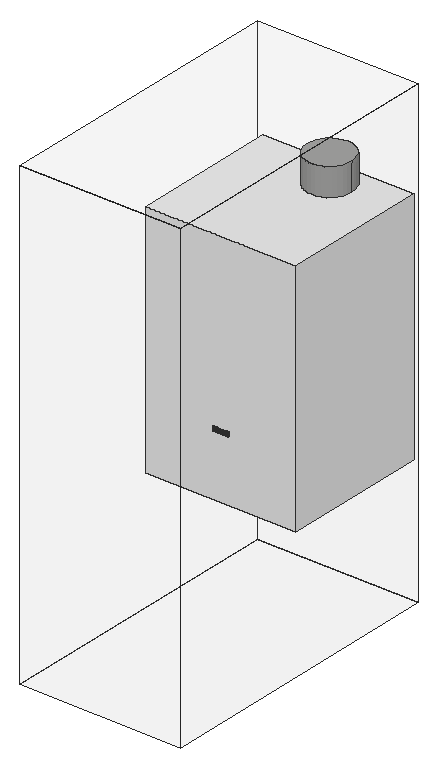
Revit family "Sirius_two_WH_90kW_LOD-3", category Mechanical Equipment, Revit 2014
Parameters (values of type "90kW")
  Weekly = "0"
  Water Treatment Required = yes
  Water Content = 9.0 L
  Warranty ID = "See manufacturers website for warranty options and T&C's"
  Voltage = 230 V
  Uniclass2015 = "Pr_60_60_08"
  URL = ""
  Type = ""
  Turndown Ratio = "9:1"
  Supply Phase = 1
  Starting Current = 0 A
  Sound Pressure Level = "63 dBA"
  Shipping Weight = 93.00 kg
  Shape = "Rectangular (Vertical)"
  Safety Valve Connection Type = "Threaded"
  Safety Valve Connection Size = 19.05 mm
  Responsible Sourcing of Materials = "0"
  Responsible Extraction of Materials = "0"
  Reference Standard = "ISO 9001; ISO 14001"
  Rated Output = 85000 W
  Rated Criteria = "80/60"
  Quarterly = "0"
  Product Range = "Sirius two WH (90kW)"
  Product Model Number = "5138531"
  Product Literature = "http://www.pottertoncommercial.co.uk/products/stainless-steel/sirius-two-wh.htm"
  Primary Fuel = "Gas - NG"
  Overall Width = 600 mm
  Overall Length = 584 mm
  Overall Height = 952 mm
  Optional Fuel = "Gas - LPG"
  Operation and Maintenance Manual = "http://www.pottertoncommercial.co.uk/products/stainless-steel/sirius-two-wh.htm"
  Oil Consumption rate = 0
  Nominal Oil Inlet Pressure = 0.0 bar
  Nominal Gas Inlet Pressure = 0.02 bar
  NOx Emissions = "36.5 mg/kWh"
  Mounting = "Wall Mounted"
  Monthly = "0"
  Model = "SIRIUS two WH70"  # constant formula
  Minimum Power Consumption = 17 W
  Minimum Operating Pressure = 1.0 bar
  Minimum Oil Inlet Pressure = 0.0 bar
  Minimum Gas Inlet Pressure = 0.018 bar
  Minimum Flow Rate at 20C temperature differential = 1.020 L/s
  Minimum Flow Rate at 11C temperature differential = 1.360 L/s
  Maximum Power Consumption = 130 W
  Maximum Operating Pressure = 4.0 bar
  Maximum Oil Inlet Pressure = 0.0 bar
  Maximum Gas Inlet Pressure = 0.0 bar
  Material Ingredient Reporting = "0"
  Manufacturer Website = "http://www.pottertoncommercial.co.uk/index.htm"
  Manufacturer = "Potterton Commercial"  # constant formula
  Maintenance Required 8001 to 12000hrs = "0"
  Maintenance Required 601 to 1000hrs = "0"
  Maintenance Required 4001 to 8000hrs = "0"
  Maintenance Required 301 to 600hrs = "0"
  Maintenance Required 2001 to 4000hrs = "0"
  Maintenance Required 1001 to 2000hrs = "0"
  Maintenance Required 0 to 300hrs = "0"
  Location of Manufacturer = "0"
  Life Cycle Analysis = "0"
  Interlocks = yes
  IfcExportType = "NOTDEFINED"  # constant formula
  IfcExportAs = "IfcBoilerType"  # constant formula
  IP Rating = "IPX5D"
  IK Rating = "0"
  Hydraulic Resistance at 20C temperature differential = 0.022 bar
  Hydraulic Resistance at 11C temperature differential = 0.035 bar
  Heater Operation = "Condensing"
  Heat Exchanger Material = "Stainless Steel"
  Gross Weight = 83.00 kg
  Green Guide for Specification = "0"
  Gas Consumption rate = "9.25 m3/h"
  Fuse Rating = 0 A
  Full Load Current = 0 A
  Fuel Connection Type = "Threaded"
  Fuel Connection Size = 645.16 mm
  Frequency = 50 Hz
  Flue or Air Intake Classification = "C13; C33; B23"
  Flue Connection size = 110 mm
  Flow and Return Connection Type = "Threaded"
  Flow and Return Connection Size = 967.74 mm
  Finish = "Powder coated"
  Features = "Wall hung boiler, stainless steel heat exchanger, 9:1 modulation, integral pump option"
  External Material = "Steel"
  Expected Life = ">10 years"
  ErP Seasonal Efficiency = "0 %"
  ErP Rated Efficiency at Part Load = "96.8 %"
  ErP Rated Efficiency at Full Load = "87.7 %"
  ErP Energy Label = "0"
  Environmental Product Declaration = "0"
  Energy Technology List = "https://etl.decc.gov.uk/engetl/fox/live/ETL_PUBLIC_PRODUCT_SEARCH/product?PROD_ID=72396"
  Embodied Carbon = "0"
  Drain Connection Type = "Plain"
  Drain Connection Size = 0 mm
  Description = ""
  Daily = "0"
  Control Type = "Optimised, modulating, weather compensating, BMS compatible"
  Configuration = "Single boiler"
  Condensate Drain Type = "Plain"
  Condensate Drain Size = 22 mm
  Colour = "White"
  Clearance Box Visibility [instance] = yes
  CE Mark = "CE-0085CM0128"
  Burner Control Type = "Modulating"
  Building Regulations Seasonal Efficiency = "96.6 %"
  Bespoke Timeframe = "0"
  BMS Links = yes
  Annually = "Annual service according to manufacturers guidance."
  Air Inlet Connection Size = 160 mm
  Additional Technical Details = "http://www.pottertoncommercial.co.uk/products/stainless-steel/sirius-two-wh.htm"
  Access Clearance Top = 400 mm
  Access Clearance Right = 20 mm
  Access Clearance Rear = 0 mm
  Access Clearance Left = 20 mm
  Access Clearance Front = 600 mm
  Access Clearance Bottom = 500 mm
  6 Monthly = "0"
Reference planes
  plane 1 "Center (Front/Back)": y = 0
  plane 2: z = 0
  plane 3 "Center (Left/Right)": x = 0
Forms (mm)
  Extrusion 1, solid, material "Potterton Sirius WH - Cover"
    sketch origin (0, 0, 0) x (1, 0, 0) y (0, 1, 0)
      loop
        line (-300, 0) -> (-300, -584) -> (300, -584) -> (300, 0) -> (292, 0) -> (292, -554) -> (-292, -554) -> (-292, 0) -> (-300, 0)
    from 0 to 951
  Extrusion 2, solid, material "Potterton Sirius FS - Logo"
    sketch origin (-369.668, -583.852, 160.982) x (1, 0, 0) y (0, 0, 1)
      loop
        arc (342.971, 100.811) -> (344.366, 99.416) -> (342.971, 98.02) r 1.395
        line (342.971, 98.02) -> (339.501, 98.02) -> (339.501, 93.964) -> (341.208, 93.964) -> (341.208, 96.293) -> (342.971, 96.293)
        arc (342.971, 96.293) -> (344.738, 96.848) -> (345.87, 98.315) r 3.088
        arc (345.87, 98.315) -> (351.536, 94.006) -> (353.627, 100.811) r 4.341
        line (353.627, 100.811) -> (355.933, 100.811) -> (355.933, 93.964) -> (357.701, 93.964) -> (357.701, 100.811) -> (361.06, 100.811) -> (361.06, 93.964) -> (362.813, 93.964) -> (362.813, 100.811) -> (366.054, 100.811) -> (366.054, 93.964) -> (372.032, 93.964) -> (372.032, 95.63) -> (367.807, 95.63) -> (367.807, 97.433) -> (371.262, 97.433)
        arc (371.262, 97.433) -> (372.08, 98.251) -> (371.262, 99.069) r 0.818
        line (371.262, 99.069) -> (367.807, 99.069) -> (367.807, 100.811) -> (375.58, 100.811)
        arc (375.58, 100.811) -> (376.451, 99.94) -> (375.58, 99.069) r 0.871
        line (375.58, 99.069) -> (373.302, 99.069)
        arc (373.302, 99.069) -> (372.52, 98.49) -> (372.845, 97.573) r 0.818
        line (372.845, 97.573) -> (381.32, 91.867)
        arc (381.32, 91.867) -> (382.144, 91.832) -> (382.566, 92.541) r 0.805
        line (382.566, 92.541) -> (382.566, 100.811) -> (385.072, 100.811)
        arc (385.072, 100.811) -> (386.619, 94.222) -> (392.72, 97.151) r 4.341
        line (392.72, 97.151) -> (392.72, 93.964) -> (394.487, 93.964) -> (394.487, 99.069) -> (398.739, 94.236)
        arc (398.739, 94.236) -> (399.755, 93.983) -> (400.351, 94.844) r 0.921
        line (400.351, 94.844) -> (400.351, 101.682)
        arc (400.351, 101.682) -> (399.452, 102.581) -> (398.554, 101.682) r 0.899
        line (398.554, 101.682) -> (398.554, 97.165) -> (394.162, 102.301)
        arc (394.162, 102.301) -> (393.255, 102.537) -> (392.72, 101.768) r 0.819
        line (392.72, 101.768) -> (392.72, 99.124)
        arc (392.72, 99.124) -> (391.302, 101.447) -> (388.78, 102.469) r 4.341
        line (388.78, 102.469) -> (379.034, 102.469)
        arc (379.034, 102.469) -> (378.205, 101.64) -> (379.034, 100.811) r 0.829
        line (379.034, 100.811) -> (380.772, 100.811) -> (380.772, 94.179) -> (375.58, 97.707)
        arc (375.58, 97.707) -> (377.961, 100.088) -> (375.58, 102.469) r 2.381
        line (375.58, 102.469) -> (353.905, 102.469)
        arc (353.905, 102.469) -> (353.223, 102.111) -> (353.129, 101.347) r 0.829
        arc (353.129, 101.347) -> (349.064, 102.325) -> (346.059, 99.418) r 4.341
        arc (346.059, 99.418) -> (345.142, 101.577) -> (342.971, 102.469) r 3.088
        line (342.971, 102.469) -> (339.417, 102.469)
        arc (339.417, 102.469) -> (338.587, 101.64) -> (339.417, 100.811) r 0.829
        line (339.417, 100.811) -> (342.971, 100.811)
      loop
        line (384.051, 92.773) -> (384.051, 91.973) -> (400.157, 91.973) -> (400.157, 92.773) -> (384.051, 92.773)
      loop
        line (339.501, 92.773) -> (339.501, 91.973) -> (378.488, 91.973) -> (378.488, 92.773) -> (339.501, 92.773)
      loop
        arc (340.058, 88.937) -> (338.522, 87.401) -> (340.058, 85.864) r 1.537
        line (340.058, 85.864) -> (399.258, 85.864)
        arc (399.258, 85.864) -> (400.795, 87.401) -> (399.258, 88.937) r 1.537
        line (399.258, 88.937) -> (340.058, 88.937)
      loop
        circle (350.207, 98.138) r 2.591
      loop
        circle (342.971, 99.416) r 0.875
      loop
        circle (388.493, 98.138) r 2.591
    from 0.148 to 1
  Sweep 3, solid
    path origin (0, 0, 0) x (1, 0, 0) y (0, 0, 1)
      loop
        line (0, 951) -> (0, 1061)
    profile origin (0, 0, 1006) x (-1, 0, 0) y (0, -1, 0)
      loop
        circle (-54.5, 112) r 90
  Extrusion 4, solid, material "Potterton Sirius WH - Cover"
    sketch origin (0, 0, 0) x (1, 0, 0) y (0, 1, 0)
      loop
        line (-292, 0) -> (-292, -554) -> (292, -554) -> (292, 0) -> (-292, 0)
    from 55 to 951
  Sweep 5, solid
    path origin (0, 0, 0) x (1, 0, 0) y (0, 0, 1)
      loop
        line (0, 55) -> (0, 30)
    profile origin (0, 0, 42.5) x (0, -1, 0) y (1, 0, 0)
      loop
        circle (95, 102) r 19.05
      loop
        circle (95, 2) r 19.05
      loop
        circle (95, -98) r 12.7
      loop
        circle (95, -198) r 24
  Extrusion 6, solid, material "Glass - Clear - Amber", visible <- "Clearance Box Visibility"
    sketch origin (0, 0, 0) x (1, 0, 0) y (0, 1, 0)
      loop
        line (-320, 0) -> (-320, -1184) -> (320, -1184) -> (320, 0) -> (-320, 0)
    from -500 to 1351
Cuts and joins
  joined: Extrusion 1, Extrusion 4
Dimensions and locks
  Sweep 3 sketch curve to profile plane = 112 mm
  Sweep 5 sketch curve to cut or joined group of Extrusion 1, Extrusion 4 = 198 mm
  locked: Sweep 5 sketch curve to plane 1 "Center (Front/Back)" at 95
  Sweep 5 sketch curve to Sweep 5 sketch curve = 100 mm
  locked: Sweep 5 sketch curve to Sweep 5 sketch curve at 100
  cut or joined group of Extrusion 1, Extrusion 4 to Sweep 5 sketch curve = 102 mm
  cut or joined group of Extrusion 1, Extrusion 4 to Sweep 5 sketch curve = 30 mm
  aligned and locked: level to plane 2
  aligned and locked: plane 1 "Center (Front/Back)" to Extrusion 1 sketch curve
  aligned and locked: Extrusion 1 to level
  aligned and locked: Extrusion 4 sketch curve to cut or joined group of Extrusion 1, Extrusion 4  (x3)
  aligned and locked: Sweep 5 sketch curve to cut or joined group of Extrusion 1, Extrusion 4
  aligned and locked: Sweep 5 sketch curve to plane 3 "Center (Left/Right)"
  aligned and locked: plane 1 "Center (Front/Back)" to Extrusion 6 sketch curve
  aligned and locked: cut or joined group of Extrusion 1, Extrusion 4 to Sweep 3 sketch curve
Connectors
  piping at (2, -95, 30), diameter 38.1
    settings: on Sweep 5, index 1, connector inside diameter 609.6 mm, connector length 0 mm, flow factor 0, pipe flow 0.000 L/s, pressure drop 0.0 bar, fitting loss kfactor 0, connector angle 0.00°, fixture units 0, engagement length 0 mm, angle of deflection 0.00°, flow configuration 1, flow direction 2, fitting loss method 0, system type 7, joint type 0, gender type 0, connector reference index -1, connector utility 0, adjustable connector no, is connector primary yes, connector description "Supply"
  piping at (102, -95, 30), diameter 38.1
    settings: on Sweep 5, index 2, connector inside diameter 609.6 mm, connector length 0 mm, flow factor 0, pipe flow 0.000 L/s, pressure drop 0.0 bar, fitting loss kfactor 0, connector angle 0.00°, fixture units 0, engagement length 0 mm, angle of deflection 0.00°, flow configuration 0, flow direction 1, fitting loss method 0, system type 8, joint type 0, gender type 0, connector reference index -1, connector utility 0, adjustable connector no, is connector primary no, connector description "Return"
  piping at (-98, -95, 30), diameter 25.4
    settings: on Sweep 5, index 3, connector inside diameter 609.6 mm, connector length 0 mm, flow factor 0, pipe flow 0.000 L/s, pressure drop 0.0 bar, fitting loss kfactor 0, connector angle 0.00°, fixture units 0, engagement length 0 mm, angle of deflection 0.00°, flow configuration 1, flow direction 1, fitting loss method 0, system type 22, joint type 0, gender type 0, connector reference index -1, connector utility 0, adjustable connector no, is connector primary no, connector description "Gas"
  piping at (-198, -95, 30), diameter 48
    settings: on Sweep 5, index 4, connector inside diameter 609.6 mm, connector length 0 mm, flow factor 0, pipe flow 0.000 L/s, pressure drop 0.0 bar, fitting loss kfactor 0, connector angle 0.00°, fixture units 0, engagement length 0 mm, angle of deflection 0.00°, flow configuration 1, flow direction 2, fitting loss method 0, system type 22, joint type 0, gender type 0, connector reference index -1, connector utility 0, adjustable connector no, is connector primary no, connector description "Drain"
  hvac at (54.5, -112, 1061)
    settings: on Sweep 3, index 6, duct flow 0.0 m³/h, flow factor 0, pres drop 0.0 bar, loss coef 0, conn angle 0.00°, conn width 304.8 mm, conn height 304.8 mm, conn diameter 160 mm, duct sys type 3, conn prof type 0, flow config 1, flow direction 2, loss method 0, conn ref index -1, conn util no, is conn primary yes, conn desc "Flue"
